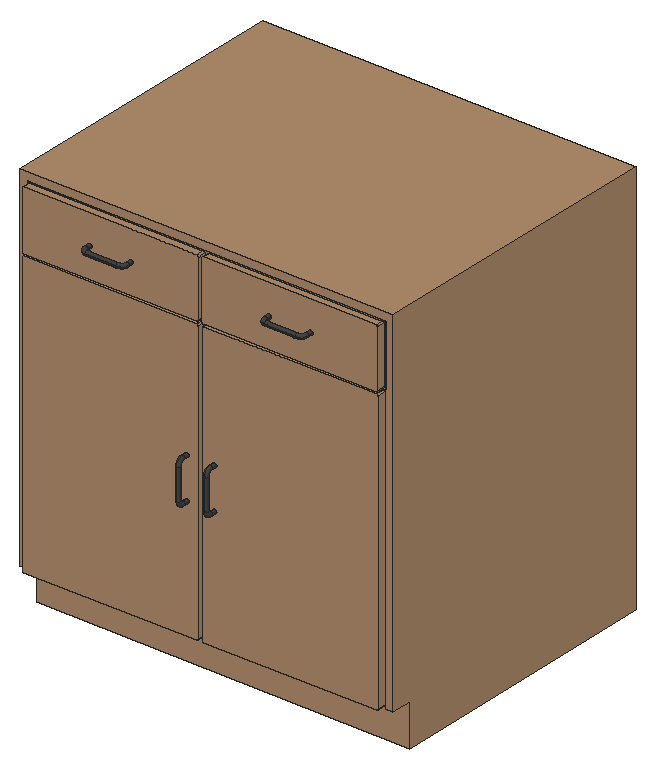
Revit family "Cabinet_Wenger_UltraStor_62", category Furniture, Revit 2015
Parameters (values of type "UltraStor Cabinet #62 - Comp Wood Doors")
  URL = "https://www.wengercorp.com/"
  Type Comments = ""
  Specification = "http://www.arcat.com/sdspecs/htm04/12_35_83wen.htm"
  Shelf Thickness = 0' - 1 1/8"
  Sales Information = "https://www.wengercorp.com/contact-us.php"
  Revision = "R1_2018-04"
  Rear Panel Thickness = 0' - 0 3/4"
  Product Data = "http://www.arcat.com/arcatcos/cos36/arc36487.html"
  Manufacturer Website = "https://www.wengercorp.com/"
  Manufacturer Phone - Toll Free = "800-4WENGER"
  Manufacturer Phone = "(507) 455-4100"
  Manufacturer Fax = "(507) 455-4258"
  Manufacturer Address = "555 Park Dr., Owatonna, MN 55060"
  Keynote = "12 35 83"
  Green Building-LEED = "http://www.arcat.com/green/clients/leed_data_36487.html"
  Drawn By = "Sumex Design, Inc. / Robert S. Weygant, CSI, CDT, SCIP"
  Door Width = (Cabinet Width - 0' 1 5/8") / 2  # 1' - 5 3/16"
  Door Material [instance] = Wenger Cherry (Use Cherry Edge Band Only)
  Door Height = (Cabinet Height - 0' 10")  # 2' - 4 5/16"
  Toe Kick Material [instance] = Wenger Cherry (Use Cherry Edge Band Only)
  Model = "#62"
  Manufacturer = "Wenger Corporation"
  End Panel Material [instance] = Wenger Cherry (Use Cherry Edge Band Only)
  Edge Banding Material [instance] = Wenger Cherry (Use Cherry Edge Band Only)
  Cost = 0
  Copyright = "© 2018 Arcat Inc."
  Construction Details = "http://www.arcat.com/details/wengerco/wengerco.html?coid=36487"
  Body Material [instance] = Wenger Cherry (Use Cherry Edge Band Only)
  Description = "Wenger UltraStor Cabinet #62 - Comp Wood Doors"
  Cabinet Width = 3' - 0"
  Cabinet Height = 3' - 2 5/16"
  Installed Depth = 2' - 5 1/4"  # constant formula
  Cabinet Panel Thickness = 0' - 0 3/4"
  Assembly Code = "E2010200"
Reference planes (in)
  plane 1 "Front": y = 0
  plane 2: z = 0
  plane 3 "Left": x = 0
  plane 4 "Right": x = 36
  plane 5 "Back": y = 29.25
  plane 6 "Top": z = 38.3125
  plane 7: z = 4
  plane 8: x = 0.75
  plane 9: x = 35.25
  plane 10: z = 37.5625
  plane 11: y = 28.5
  plane 12: y = 2
  plane 13: y = 0.75
  plane 14: z = 5.125
  plane 15: z = 31.5625
  plane 16: x = 18
Forms (in)
  Extrusion 1, solid, material "Wenger Cherry (Use Cherry Edge Band Only)" <- "Body Material"
    sketch origin (0, 0, 0) x (0, 1, 0) y (0, 0, 1)
      loop
        line (0, 38.3125) -> (0, 4) -> (2, 4) -> (2, 0) -> (29.25, 0) -> (29.25, 38.3125) -> (0, 38.3125)
    from 0 to 36
  Extrusion 2, void
    sketch origin (0, 0, 0) x (0, 1, 0) y (0, 0, 1)
      loop
        line (-5.5, 37.5625) -> (-5.5, 4) -> (0.75, 4)
        arc (0.75, 4) -> (1.15915, 4.80234) -> (2, 5.125) r 1.25694
        line (2, 5.125) -> (28.5, 5.125) -> (28.5, 37.5625) -> (-5.5, 37.5625)
    from 0.75 to 35.25
  Extrusion 3, void
    sketch origin (0, 0, 0) x (0, 1, 0) y (0, 0, 1)
      loop
        line (0, 37.5625) -> (0, 4) -> (0.0625, 4) -> (0.0625, 37.5625) -> (0, 37.5625)
    from 0.75 to 35.25
  Extrusion 4, solid, material "Wenger Cherry (Use Cherry Edge Band Only)" <- "Body Material"
    sketch origin (0, 0, 0) x (0, 1, 0) y (0, 0, 1)
      loop
        line (0, 37.5625) -> (0, 31.5625) -> (0.75, 31.5625) -> (0.75, 37.5625) -> (0, 37.5625)
    from 0.75 to 35.25
Cuts and joins
  Extrusion 2, Extrusion 3 cuts Extrusion 1
Lines and regions (in)
  Masking region 1
    outline origin (0, 0, 0) x (1, 0, 0) y (0, 1, 0)
      loop
        line (0, 29.25) -> (0, 0) -> (36, 0) -> (36, 29.25) -> (0, 29.25)
Dimensions and locks (in)
  "Cabinet Panel Thickness": plane 3 "Left" to plane 8
  "Cabinet Panel Thickness": plane 9 to plane 4 "Right"
  "Cabinet Panel Thickness": plane 5 "Back" to plane 11
  locked: plane 1 "Front" to plane 13 at 0.75
  locked: plane 1 "Front" to plane 12 at 2
  "Cabinet Panel Thickness": plane 6 "Top" to plane 10
  "Shelf Thickness": plane 14 to plane 7
  "Cabinet Width": plane 3 "Left" to plane 4 "Right"
  locked: plane 7 to level at 4
  "Cabinet Height": plane 6 "Top" to level
  "Installed Depth": plane 1 "Front" to plane 5 "Back"
  plane 3 "Left" to plane 4 "Right" = 3' - 0"
  equal spacing: plane 5 "Back", nested 1, plane 1 "Front"
  locked: plane 10 to plane 15 at 6
  equal spacing: plane 4 "Right", plane 16, plane 3 "Left"
  aligned and locked: Extrusion 1 sketch curve to plane 6 "Top"
  aligned and locked: Extrusion 1 sketch curve to plane 5 "Back"
  aligned and locked: Extrusion 1 sketch curve to plane 1 "Front"
  aligned and locked: Extrusion 1 sketch curve to plane 7
  aligned and locked: Extrusion 1 sketch curve to plane 12
  aligned and locked: Extrusion 1 sketch curve to level
  aligned and locked: Extrusion 1 to plane 4 "Right"
  aligned and locked: Extrusion 1 to plane 3 "Left"
  aligned and locked: Extrusion 2 sketch curve to plane 10
  aligned and locked: Extrusion 2 sketch curve to plane 14
  aligned and locked: Extrusion 2 to plane 8
  aligned and locked: Extrusion 3 sketch curve to cut or joined group of Extrusion 1, Extrusion 2, Extrusion 3  (x3)
  aligned and locked: Extrusion 3 to plane 9
  aligned and locked: Extrusion 3 to plane 8
  aligned and locked: nested 2 to plane 8
  aligned and locked: plane 7 to cut or joined group of Extrusion 1, Extrusion 2, Extrusion 3
  aligned and locked: nested 2 to plane 7
  aligned and locked: plane 13 to Extrusion 2 sketch curve
  aligned and locked: Masking region 1 sketch curve to plane 5 "Back"
  aligned and locked: Masking region 1 sketch curve to plane 1 "Front"
  aligned and locked: plane 3 "Left" to Masking region 1 sketch curve
  aligned and locked: plane 4 "Right" to Masking region 1 sketch curve
  aligned and locked: cut or joined group of Extrusion 1, Extrusion 2, Extrusion 3 to plane 9
  aligned and locked: plane 10 to Extrusion 4 sketch curve
  aligned and locked: plane 1 "Front" to Extrusion 4 sketch curve
  aligned and locked: Extrusion 4 to plane 9
  aligned and locked: Extrusion 4 to plane 8
  aligned and locked: plane 15 to nested 2
  aligned and locked: Extrusion 4 sketch curve to plane 15
  aligned and locked: Extrusion 4 sketch curve to plane 13
  aligned and locked: plane 10 to nested 4
  aligned and locked: nested 5 to plane 15
  aligned and locked: nested 3 to plane 9
  aligned and locked: plane 15 to nested 3
  aligned and locked: nested 3 to plane 7
  aligned and locked: plane 16 to nested 1
Automatic sketch dimensions
  plane 13 to Extrusion 3 sketch curve = 0' - 0 11/16"
  Extrusion 2 sketch curve to plane 7 = 0' - 0"
  Extrusion 2 sketch curve to plane 12 = 0' - 0"
  Extrusion 2 sketch curve to plane 11 = 0' - 0"
  plane 1 "Front" to Extrusion 2 sketch curve = 0' - 5 1/2"
Nested families (in)
  nested 1: "Labels" at (18, 14.625, 0), type "Labels"
  nested 2: "Door-Drwr" at (9.34375, -0.75, 4) x (1, 0, 0) z (0, -1, 0), Width <- "Door Width", type "Door", detail levels medium+fine
    with Width 1' - 5 3/16", ToeKick Height 0' - 4", Height 2' - 3 9/16"
  nested 3: "Door-Drwr" at (26.65625, -0.6875, 31.5625) x (-1, 0, 0) z (0, -1, 0), Width <- "Door Width", type "Door"
    with Width 1' - 5 3/16", ToeKick Height 0' - 4", Height 2' - 3 9/16"
  nested 4: "Door-Drwr" at (26.65625, -0.75, 37.5625) x (-1, 0, 0) z (0, -1, 0), Width <- "Door Width", type "Drawer"
    with Width 1' - 5 3/16", ToeKick Height 0' - 4", Height 0' - 6"
  nested 5: "Door-Drwr" at (9.34375, -0.75, 31.5625) x (1, 0, 0) z (0, -1, 0), Width <- "Door Width", type "Drawer"
    with Width 1' - 5 3/16", ToeKick Height 0' - 4", Height 0' - 6"
Definition of nested family "Door-Drwr"
  Parameters (values of type "Drawer")
    Width [instance] = 0' - 8"
    ToeKick Height [instance] = 0' - 4"
    Thickness = 0' - 0 3/4"
    Door = no
    Shelf Thickness = 0' - 0 3/4"
    Panel Thickness = 0' - 0 3/4"
    Drawer = yes
    Height [instance] = 1' - 2 5/8"
    Handle Finish [instance] = none
    Edge Banding = none
    DoorGap = 0' - 0 1/8"
    Door Finish = none
    Depth = 2' - 0"
    Default Elevation = 4' - 0"
  Types (2): name | Door | Drawer
    Door | yes | no
    Drawer | no | yes
  Reference planes (in)
    plane 1 "Center (Front/Back)": y = 0
    plane 2: z = 0
    plane 3 "Center (Left/Right)": x = 0
    plane 4: x = -4
    plane 5: y = 14.625
    plane 6: x = 4
    plane 7: z = -0.75
    plane 8: x = -3.875
    plane 9: x = 3.875
    plane 10: y = 0.125
    plane 11: y = 14.5
    plane 12: y = -0.75
    plane 13 "CL Elev": y = 7.3125
    plane 14: x = -3.75
    plane 15: x = 3.75
    plane 16 "BtmRail": y = 0.25
    plane 17: y = 14.375
    plane 18: z = -0.125
    plane 19: x = -2.75
    plane 20 "DrHandle": x = 2.75
    plane 21: y = 9.66667
    plane 22: y = 4.95833
  Forms (in)
    Extrusion 1, solid, material <- "Door Finish", detail levels medium+fine
      sketch origin (0, 0, 0) x (1, 0, 0) y (0, 1, 0)
        loop
          arc (-3.75, 14.5) -> (-3.83839, 14.46339) -> (-3.875, 14.375) r 0.125
          line (-3.875, 14.375) -> (-3.875, 0.25)
          arc (-3.875, 0.25) -> (-3.83839, 0.16161) -> (-3.75, 0.125) r 0.125
          line (-3.75, 0.125) -> (3.75, 0.125)
          arc (3.75, 0.125) -> (3.83839, 0.16161) -> (3.875, 0.25) r 0.125
          line (3.875, 0.25) -> (3.875, 14.375)
          arc (3.875, 14.375) -> (3.83839, 14.46339) -> (3.75, 14.5) r 0.125
          line (3.75, 14.5) -> (-3.75, 14.5)
      from 0 to -0.75
    Sweep 2, solid, material <- "Handle Finish", visible <- "Drawer", detail levels fine
      path origin (0, 7.3125, 0) x (-1, 0, 0) y (0, 0, 1)
        loop
          line (2, 0) -> (2, 0.5)
          arc (2, 0.5) -> (1.85355, 0.85355) -> (1.5, 1) r 0.5
          line (1.5, 1) -> (-1.5, 1)
          arc (-1.5, 1) -> (-1.85355, 0.85355) -> (-2, 0.5) r 0.5
          line (-2, 0.5) -> (-2, 0)
      profile origin (-2, 7.3125, 0.25) x (1, 0, 0) y (0, 1, 0)
        loop
          circle (0, 0) r 0.1875
    Sweep 3, solid, material <- "Handle Finish", visible <- "Door", detail levels fine
      path origin (2.75, 0, 0) x (0, 0, 1) y (0, -1, 0)
        loop
          line (0, -9.3125) -> (0.5, -9.3125)
          arc (0.5, -9.3125) -> (0.85355, -9.16605) -> (1, -8.8125) r 0.5
          line (1, -8.8125) -> (1, -5.8125)
          arc (1, -5.8125) -> (0.85355, -5.45895) -> (0.5, -5.3125) r 0.5
          line (0.5, -5.3125) -> (0, -5.3125)
      profile origin (2.75, 9.3125, 0.25) x (0, -1, 0) y (1, 0, 0)
        loop
          circle (0, 0) r 0.1875
  Lines and regions (in)
    symbolic lines, visible <- "Door", detail levels medium+fine
      curve 1: line (4, 0.25, 0) -> (-4, 0.25, 0)
      curve 2: line (-4, 0.25, 0) -> (-4, 0.25, 8)
      curve 3: arc (4, 0.25, 0) -> (1.65685, 0.25, 5.65685) -> (-4, 0.25, 8) r 8
    symbolic lines
      curve 4: line (3.875, 0.25, 0) -> (3.875, 0.25, -0.75)
      curve 5: line (3.875, 0.25, -0.75) -> (-3.875, 0.25, -0.75)
      curve 6: line (-3.875, 0.25, -0.75) -> (-3.875, 0.25, 0)
    symbolic lines, visible <- "Door", detail levels medium
      curve 7: line (3.875, 14.5, 0) -> (-3.875, 7.3125, 0)
      curve 8: line (-3.875, 7.3125, 0) -> (3.875, 0.125, 0)
  Dimensions and locks (in)
    "Height": plane 1 "Center (Front/Back)" to plane 5
    "Thickness": level to plane 7
    equal spacing: plane 4, plane 3 "Center (Left/Right)", plane 6
    "Width": plane 4 to plane 6
    "DoorGap": plane 5 to plane 11
    "DoorGap": plane 9 to plane 6
    "DoorGap": plane 4 to plane 8
    "DoorGap": plane 1 "Center (Front/Back)" to plane 10
    "Shelf Thickness": plane 1 "Center (Front/Back)" to plane 12
    equal spacing: plane 1 "Center (Front/Back)", plane 13 "CL Elev", plane 5
    locked: plane 15 to plane 9 at 0.125
    locked: plane 8 to plane 14 at 0.125
    locked: plane 11 to plane 17 at 0.125
    locked: plane 16 "BtmRail" to plane 10 at 0.125
    locked: level to plane 18 at 0.125
    plane 19 to plane 14 = 0' - 1"
    locked: plane 15 to plane 20 "DrHandle" at 1
    equal spacing: plane 17, plane 21, plane 22, plane 16 "BtmRail"
    Sweep 2 sketch curve to plane 3 "Center (Left/Right)" to Sweep 2 sketch curve = 0' - 2" locked, 0' - 2" locked
    locked: level to Sweep 2 sketch curve at 1
    Sweep 3 sketch curve to plane 13 "CL Elev" to Sweep 3 sketch curve = 0' - 2" locked, 0' - 2" locked
    locked: Sweep 3 sketch curve to level at 1
    "Width": radius of curve 3
    aligned and locked: plane 2 to level
    aligned and locked: Extrusion 1 sketch curve to plane 11
    aligned and locked: plane 8 to Extrusion 1 sketch curve
    aligned and locked: Extrusion 1 sketch curve to plane 9
    aligned and locked: plane 10 to Extrusion 1 sketch curve
    aligned and locked: Extrusion 1 to plane 7
    aligned and locked: level to Extrusion 1
    aligned and locked: plane 4 to curve 3  (x2)
    aligned and locked: level to curve 3
    aligned and locked: plane 7 to curve 5
    aligned and locked: Extrusion 1 to plane 8
    aligned and locked: plane 9 to Extrusion 1
    aligned and locked: plane 10 to curve 8
    aligned and locked: plane 9 to curve 8
    aligned and locked: plane 13 "CL Elev" to curve 8
    aligned and locked: plane 11 to curve 7
    aligned and locked: plane 9 to curve 7
  Automatic sketch dimensions
    curve 8 to plane 8 = 0' - 0"
    Extrusion 1 sketch curve to plane 14 = 0' - 0"  (x2)
    Extrusion 1 sketch curve to plane 15 = 0' - 0"  (x2)
    Sweep 2 sketch curve to level = 0' - 0"  (x2)
    Sweep 2 sketch curve to Sweep 2 sketch curve = 0' - 0 1/2"
    level to Sweep 2 sketch curve = 0' - 0 1/2"
    Sweep 2 sketch curve to plane 13 "CL Elev" = 0' - 0"
    Sweep 2 sketch curve to profile plane = 0' - 0"
    Sweep 3 sketch curve to level = 0' - 0"  (x2)
    level to Sweep 3 sketch curve = 0' - 0 1/2"
    Sweep 3 sketch curve to Sweep 3 sketch curve = 0' - 0 1/2"
    Sweep 3 sketch curve to plane 20 "DrHandle" = 0' - 0"
    Sweep 3 sketch curve to profile plane = 0' - 0"
    curve 5 to plane 9 = 0' - 0"
    curve 6 to plane 8 = 0' - 0"
    radius of Sweep 2 sketch curve = 0' - 0 3/16"
    radius of Sweep 3 sketch curve = 0' - 0 3/16"
Definition of nested family "Labels"
  Parameters
    Cabinet Label = "01"
  Reference planes (in)
    plane 1: y = 0
    plane 2: x = 0
  Text (in)
    label "xxxx" at (-0.00018, 0.00754, 0), shows "Cabinet Label"
